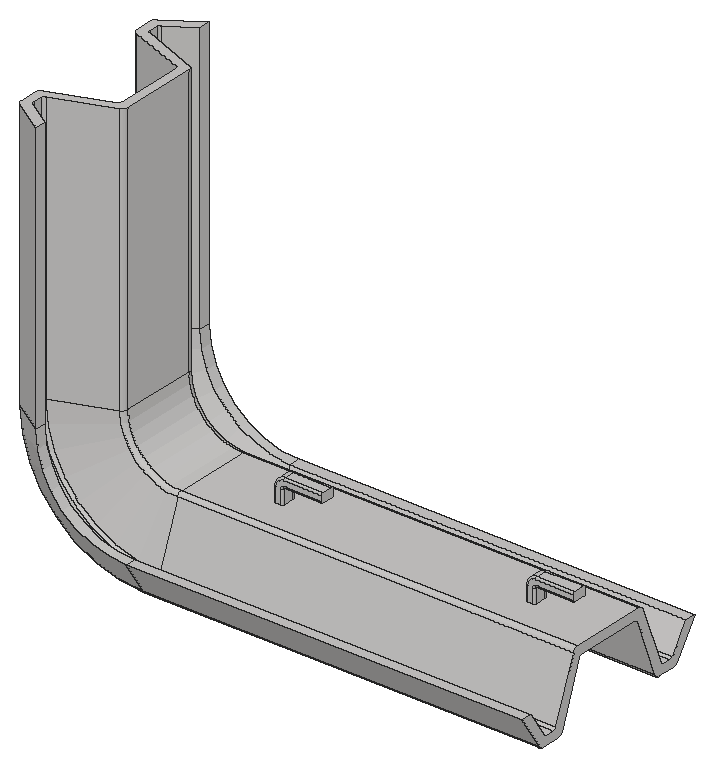
Revit family "E_Cable Tray Support_MEPcontent_OBO Bettermann_Bracket TPSAG FT", category Cable Tray Fittings, Revit 2015
Parameters (values of type "TPSAG 145 FT")
  Wholesaler Art. No. = ""
  Wholesaler = ""
  Watermarked By = "www.stabiplan.com"
  Width 1 = 145.00 mm
  Width = Width 1  # 145 mm
  URL = "www.stabiplan.com"
  Tray Height [instance] = 60.00 mm
  built-in parameter 1140111 [instance] = 2.50 mm  # 0.0082021 (stored number, unit not read)
  Stabu Code = ""
  Revit Version = "2015"  # constant formula
  MEPcontent Class = "CABLE_TRAY_SUPPORT"  # constant formula
  Internal Art. No. = ""
  IFCExportType = "NOTDEFINED"  # constant formula
  IFCExportAs = "IfcCableCarrierFittingType"  # constant formula
  Function Code [instance] = ""
  Family Version = "10.14"  # constant formula
  ETIM Article Class = "EC000022"  # constant formula
  EMCS Version = "2.0"  # constant formula
  Copyright = "© Stabiplan International BV"  # constant formula
  Content Supplier URL = ""
  CB-NL Class = ""
  Article Type = if(and(Width = 145.00 mm, Height = 120.00 mm), "TPSAG 145 FT", if(and(Width = 195.00 mm, Height = 120.00 mm), "TPSAG 195 FT", if(and(Width = 245.00 mm, Height = 120.00 mm), "TPSAG 245 FT", if(and(Width = 345.00 mm, Height = 120.00 mm), "TPSAG 345 FT", "Unknown"))))  # "TPSAG 145 FT"
  Product Line = "OBO BETTERMANN CableTrays"  # constant formula
  Model = if(and(Width = 145.00 mm, Height = 120.00 mm), "TPSAG 145 FT", if(and(Width = 195.00 mm, Height = 120.00 mm), "TPSAG 195 FT", if(and(Width = 245.00 mm, Height = 120.00 mm), "TPSAG 245 FT", if(and(Width = 345.00 mm, Height = 120.00 mm), "TPSAG 345 FT", "Unknown"))))  # "TPSAG 145 FT"
  Manufacturer = "OBO BETTERMANN"  # constant formula
  Custom [instance] = if(and(Width = 145.00 mm, Height = 120.00 mm), 1 = 0, if(and(Width = 195.00 mm, Height = 120.00 mm), 1 = 0, if(and(Width = 245.00 mm, Height = 120.00 mm), 1 = 0, if(and(Width = 345.00 mm, Height = 120.00 mm), 1 = 0, 1 = 1))))  # no
  Half Tray Height [instance] = Tray Height / 2  # 30.00 mm
  Height 1 = 120.00 mm  # constant formula
  Height = Height 1  # 120 mm
  GTIN = if(and(Width = 145.00 mm, Height = 120.00 mm), "4012195076957", if(and(Width = 195.00 mm, Height = 120.00 mm), "4012195076964", if(and(Width = 245.00 mm, Height = 120.00 mm), "4012195076971", if(and(Width = 345.00 mm, Height = 120.00 mm), "4012195076988", "Unknown"))))  # "4012195076957"
  Description = "Wall and Ceiling Bracket"
  Depth = 60.00 mm  # constant formula
  Manufacturer URL = "http://catalog4.obo-bettermann.com/catalogue/catalogue.do?forward=showProductGroup&act=showIO&favOid=kts_144178&action=showManyProducts&lang=nl&OID=kts_144178&catId="
  Gray = Color RGB 189-187-185
  Manufacturer Art. No. = if(and(Width = 145.00 mm, Height = 120.00 mm), "6366131", if(and(Width = 195.00 mm, Height = 120.00 mm), "6366135", if(and(Width = 245.00 mm, Height = 120.00 mm), "6366139", if(and(Width = 345.00 mm, Height = 120.00 mm), "6366143", "Unknown"))))  # "6366131"
  Article Description = "Wall and Ceiling Bracket"
Types (4, lengths in mm): name | Width 1 | Width | Article Type | Model | GTIN | Manufacturer Art. No.
  TPSAG 145 FT | 145.00 | 145 | "TPSAG 145 FT" | "TPSAG 145 FT" | "4012195076957" | "6366131"
  TPSAG 195 FT | 195.00 | 195 | "TPSAG 195 FT" | "TPSAG 195 FT" | "4012195076964" | "6366135"
  TPSAG 245 FT | 245.00 | 245 | "TPSAG 245 FT" | "TPSAG 245 FT" | "4012195076971" | "6366139"
  TPSAG 345 FT | 345.00 | 345 | "TPSAG 345 FT" | "TPSAG 345 FT" | "4012195076988" | "6366143"
Reference planes
  plane 1 "Center (Front/Back)": y = 0
  plane 2: z = 0
  plane 3 "Center (Left/Right)": x = 0
  plane 4: z = 70
  plane 5: z = -50
  plane 6: y = 30
  plane 7: y = -30
  plane 8: x = 52.5
  plane 9: x = -72.5
  plane 10: x = 47.5
  plane 11: x = 72.5
  plane 12: z = 50
  plane 13: x = -52.5
  plane 14: z = -30
  plane 15: z = 60
  plane 16: x = -62.5
  plane 17: z = -40
  plane 18: y = -10
  plane 19: y = 10
  plane 20: y = -23.34
  plane 21: y = -16.67
  plane 22: y = 23.34
  plane 23: y = 16.67
  plane 24: y = 12.5
  plane 25: y = -12.5
Forms (mm)
  Sweep 1, solid, material "Color RGB 189-187-185" <- "Gray", detail levels medium+fine
    path origin (0, 0, 0) x (1, 0, 0) y (0, 0, 1)
      loop
        line (72.5, -30) -> (-37.5, -30)
        arc (-37.5, -30) -> (-55.178, -22.678) -> (-62.5, -5) r 25
        line (-62.5, -5) -> (-62.5, 70)
    profile origin (17.5, 0, -30) x (0, 0, -1) y (0, -1, 0)
      loop
        line (0, -26.996) -> (0, -30) -> (9.331, -23.785)
        arc (9.331, -23.785) -> (9.822, -23.245) -> (10, -22.537) r 1.5
        line (10, -22.537) -> (10, -17.704)
        arc (10, -17.704) -> (9.735, -16.852) -> (9.034, -16.302) r 1.5
        line (9.034, -16.302) -> (-6.856, -10.245)
        arc (-6.856, -10.245) -> (-7.323, -9.878) -> (-7.5, -9.311) r 1
        line (-7.5, -9.311) -> (-7.5, 9.311)
        arc (-7.5, 9.311) -> (-7.323, 9.878) -> (-6.856, 10.245) r 1
        line (-6.856, 10.245) -> (9.034, 16.302)
        arc (9.034, 16.302) -> (9.735, 16.852) -> (10, 17.704) r 1.5
        line (10, 17.704) -> (10, 22.537)
        arc (10, 22.537) -> (9.822, 23.245) -> (9.331, 23.785) r 1.5
        line (9.331, 23.785) -> (0, 30) -> (0, 26.996) -> (7.054, 22.298)
        arc (7.054, 22.298) -> (7.382, 21.938) -> (7.5, 21.466) r 1
        line (7.5, 21.466) -> (7.5, 19.082)
        arc (7.5, 19.082) -> (7.323, 18.514) -> (6.856, 18.147) r 1
        line (6.856, 18.147) -> (-9.034, 12.091)
        arc (-9.034, 12.091) -> (-9.735, 11.54) -> (-10, 10.689) r 1.5
        line (-10, 10.689) -> (-10, -10.689)
        arc (-10, -10.689) -> (-9.735, -11.54) -> (-9.034, -12.091) r 1.5
        line (-9.034, -12.091) -> (6.856, -18.147)
        arc (6.856, -18.147) -> (7.323, -18.514) -> (7.5, -19.082) r 1
        line (7.5, -19.082) -> (7.5, -21.466)
        arc (7.5, -21.466) -> (7.382, -21.938) -> (7.054, -22.298) r 1
        line (7.054, -22.298) -> (0, -26.996)
  Sweep 2, solid, material "Color RGB 189-187-185" <- "Gray", detail levels medium+fine
    path origin (52.5, 0, 107.816) x (0, 0, 1) y (-1, 0, 0)
      loop
        line (-122.335, -12) -> (-122.335, -1.5)
        arc (-122.335, -1.5) -> (-122.774, -0.439) -> (-123.835, 0) r 1.5
        line (-123.835, 0) -> (-128.835, 0)
    profile origin (59.25, 0, -14.519) x (0, 0, -1) y (0, -1, 0)
      loop
        arc (-1.25, -1.5) -> (-1.104, -1.854) -> (-0.75, -2) r 0.5
        line (-0.75, -2) -> (0.75, -2)
        arc (0.75, -2) -> (1.104, -1.854) -> (1.25, -1.5) r 0.5
        line (1.25, -1.5) -> (1.25, 1.5)
        arc (1.25, 1.5) -> (1.104, 1.854) -> (0.75, 2) r 0.5
        line (0.75, 2) -> (-0.75, 2)
        arc (-0.75, 2) -> (-1.104, 1.854) -> (-1.25, 1.5) r 0.5
        line (-1.25, 1.5) -> (-1.25, -1.5)
  Sweep 3, solid, material "Color RGB 189-187-185" <- "Gray", detail levels medium+fine
    path origin (-32.5, 0, 107.816) x (0, 0, 1) y (-1, 0, 0)
      loop
        line (-122.335, -27) -> (-122.335, -16.5)
        arc (-122.335, -16.5) -> (-122.774, -15.439) -> (-123.835, -15) r 1.5
        line (-123.835, -15) -> (-128.835, -15)
    profile origin (-10.75, 0, -14.519) x (0, 0, -1) y (0, -1, 0)
      loop
        arc (-1.25, -1.5) -> (-1.104, -1.854) -> (-0.75, -2) r 0.5
        line (-0.75, -2) -> (0.75, -2)
        arc (0.75, -2) -> (1.104, -1.854) -> (1.25, -1.5) r 0.5
        line (1.25, -1.5) -> (1.25, 1.5)
        arc (1.25, 1.5) -> (1.104, 1.854) -> (0.75, 2) r 0.5
        line (0.75, 2) -> (-0.75, 2)
        arc (-0.75, 2) -> (-1.104, 1.854) -> (-1.25, 1.5) r 0.5
        line (-1.25, 1.5) -> (-1.25, -1.5)
Cuts and joins
  joined: Sweep 1, Sweep 2, Sweep 3
Lines and regions (mm)
  model lines, style "Fittings", detail levels coarse
    curve 1: line (72.5, 0, -40) -> (-62.5, 0, -40)
    curve 2: line (-62.5, 0, 70) -> (-62.5, 0, -40)
Dimensions and locks
  equal spacing: plane 6, plane 1 "Center (Front/Back)", plane 7
  "Depth": plane 6 to plane 7
  "Height": plane 4 to plane 5
  locked: plane 9 to plane 10 at 120
  equal spacing: plane 9, plane 3 "Center (Left/Right)", plane 11
  "Width": plane 9 to plane 11
  locked: plane 4 to plane 12 at 20
  locked: plane 9 to plane 13 at 20
  locked: plane 14 to plane 5 at 20
  equal spacing: plane 4, plane 15, plane 12
  equal spacing: plane 9, plane 16, plane 13
  equal spacing: plane 14, plane 17, plane 5
  equal spacing: plane 18, profile plane, plane 19
  locked: plane 18 to plane 19 at 20
  locked: plane 21 to plane 18 at 6.67
  equal spacing: plane 20, plane 21, plane 18
  plane 20 to plane 21 = 6.67 mm
  plane 22 to plane 23 = 6.67 mm
  equal spacing: plane 19, plane 23, plane 22
  plane 19 to plane 23 = 6.67 mm
  "Half Tray Height": level to plane 14
  locked: Sweep 2 sketch curve to Sweep 2 sketch curve at 12
  locked: Sweep 2 sketch curve to Sweep 2 sketch curve at 4
  locked: Sweep 2 sketch curve to Sweep 2 sketch curve at 2.5
  equal spacing: Sweep 2 sketch curve, profile plane, Sweep 2 sketch curve
  Sweep 2 sketch curve to Sweep 2 sketch curve = 4.00 mm
  Sweep 2 sketch curve to Sweep 2 sketch curve = 6.50 mm
  locked: plane 11 to Sweep 2 sketch curve at 20
  locked: Sweep 3 sketch curve to Sweep 3 sketch curve at 12
  locked: Sweep 3 sketch curve to Sweep 3 sketch curve at 4
  locked: Sweep 3 sketch curve to Sweep 3 sketch curve at 2.5
  equal spacing: Sweep 3 sketch curve, profile plane, Sweep 3 sketch curve
  Sweep 3 sketch curve to Sweep 3 sketch curve = 4.00 mm
  Sweep 3 sketch curve to Sweep 3 sketch curve = 6.50 mm
  locked: plane 9 to Sweep 3 sketch curve at 55
  radius of Sweep 1 sketch curve = 1.50 mm  (x7)
  radius of Sweep 1 sketch curve = 1.00 mm  (x6)
  radius of Sweep 1 sketch curve = 25.00 mm
  radius of Sweep 2 sketch curve = 1.50 mm
  radius of Sweep 3 sketch curve = 1.50 mm
  aligned and locked: level to plane 2
  aligned and locked: plane 17 to curve 2
  aligned and locked: plane 16 to curve 1
  aligned and locked: plane 11 to curve 1
  aligned and locked: plane 4 to Sweep 1 sketch curve
  aligned and locked: plane 16 to Sweep 1 sketch curve
  aligned and locked: plane 4 to curve 2
Automatic sketch dimensions
  Sweep 1 sketch curve to plane 11 = 0.00 mm
  Sweep 1 sketch curve to plane 14 = 0.00 mm
  Sweep 1 sketch curve to profile plane = 0.00 mm  (x2)
  plane 19 to Sweep 1 sketch curve = 0.689 mm
  profile plane to Sweep 1 sketch curve = 6.50 mm
  Sweep 1 sketch curve to plane 19 = 0.245 mm
  Sweep 1 sketch curve to plane 18 = 0.245 mm
  Sweep 1 sketch curve to Sweep 1 sketch curve = 0.356 mm
  Sweep 1 sketch curve to plane 19 = 0.689 mm
  Sweep 1 sketch curve to Sweep 1 sketch curve = 1.644 mm  (x2)
  Sweep 1 sketch curve to plane 24 = 0.409 mm
  Sweep 1 sketch curve to plane 25 = 0.409 mm
  Sweep 1 sketch curve to Sweep 1 sketch curve = 0.534 mm  (x3)
  Sweep 1 sketch curve to plane 21 = 2.412 mm
  Sweep 1 sketch curve to profile plane = 6.50 mm  (x2)
  Sweep 1 sketch curve to plane 23 = 2.412 mm
  Sweep 1 sketch curve to plane 23 = 1.477 mm
  Sweep 1 sketch curve to plane 21 = 1.477 mm
  plane 22 to Sweep 1 sketch curve = 1.042 mm
  Sweep 1 sketch curve to Sweep 1 sketch curve = 0.446 mm  (x2)
  plane 20 to Sweep 1 sketch curve = 1.042 mm
  Sweep 1 sketch curve to Sweep 1 sketch curve = 1.446 mm
  plane 21 to Sweep 1 sketch curve = 0.368 mm
  plane 23 to Sweep 1 sketch curve = 0.368 mm
  Sweep 1 sketch curve to plane 22 = 0.445 mm
  Sweep 1 sketch curve to Sweep 1 sketch curve = 0.669 mm  (x2)
  Sweep 1 sketch curve to plane 20 = 0.445 mm
  Sweep 1 sketch curve to plane 22 = 3.656 mm
  Sweep 1 sketch curve to Sweep 1 sketch curve = 3.004 mm  (x2)
  Sweep 1 sketch curve to plane 20 = 3.656 mm
  plane 14 to Sweep 2 sketch curve = 13.981 mm
  Sweep 2 sketch curve to Sweep 2 sketch curve = 0.50 mm  (x4)
  Sweep 2 sketch curve to profile plane = 2.00 mm
  plane 14 to Sweep 3 sketch curve = 13.981 mm
  Sweep 3 sketch curve to Sweep 3 sketch curve = 0.50 mm  (x4)
  Sweep 3 sketch curve to profile plane = 2.00 mm
